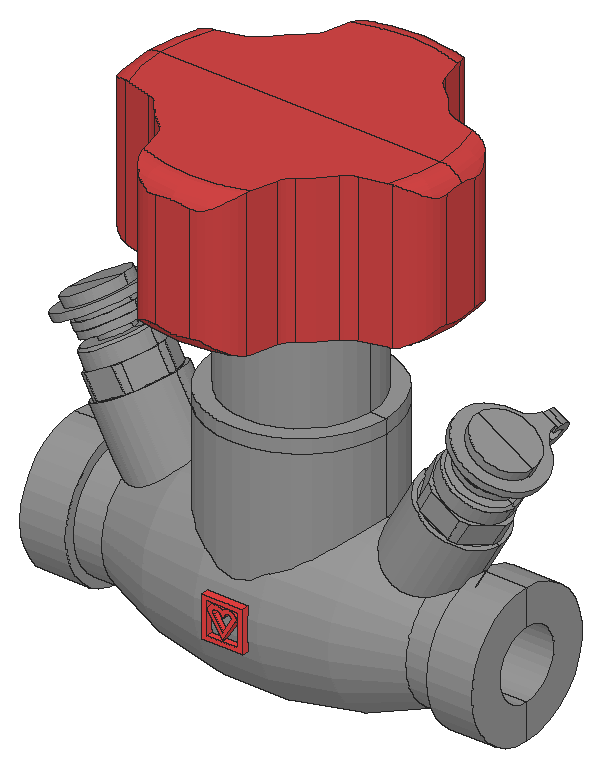
Revit family "Strangregulierventil für Differenzdruckmessung, Geradsitzform 4217 GM (LF-MF)", category Rohrzubehör, Revit 2018
Family settings
  Bemaßung runder Anschluss = Durchmesser verwenden
  Teiletyp = Unterbricht
  OmniClass-Nummer = 23.65.55.14
  OmniClass-Titel = Valves for Liquid Services
  Arbeitsebenenbasiert = Nein
  Immer vertikal = Ja
  Beim Laden mit Abzugskörper schneiden = Nein
  Gemeinsam genutzt = Nein
Parameters (values of type "MF")
  kvs-Wert [instance] = if(and(LF, Nennweite = 15.00 mm), 0.93, if(and(MF, Nennweite = 15.00 mm), 3.49, 0))  # 3.49
  W02 = 60.00°  # constant formula
  W01 = 30.00°  # constant formula
  URL = "www.herz-armaturen.at"
  SC_NennweiteBerechnet = 0
  SC_Dimension = ""
  SCRNSEQ = "ARM;ARM_TYP=\"STRV\";2"
  SCRNCODE = "05;07;02"  # constant formula
  S02 = 60.00 mm  # constant formula
  S01 [instance] = H00 + H01  # 68.20 mm
  R01 [instance] = 21.00 mm  # constant formula
  Nennweite [instance] = 15.00 mm
  Medium = "Heizwasserqualität entsprechend ÖNORM H 5195 bzw. VDI-Richtlinie 2035.\r\nDie Verwendung von Ethylen- und Propylenglykol ist im Mischungsverhältnis 25 - 50 Vol. % zulässig."
  Max. Betriebstemperatur (bis DN32) = 130 °C  # constant formula
  Max. Betriebstemperatur (ab DN40) = 110 °C  # constant formula
  Max. Betriebsdruck = 1600000.0 Pa  # constant formula
  ML02 [instance] = 30.20 mm  # constant formula
  ML01 [instance] = 20.67 mm  # constant formula
  MF [instance] = yes
  MD01 = 9.50 mm  # constant formula
  LF [instance] = no
  L02 [instance] = 10.00 mm  # constant formula
  L01 [instance] = 16.30 mm  # constant formula
  L00 [instance] = 100.00 mm  # constant formula
  IG [instance] = Nennweite / 2  # 7.50 mm
  Hersteller = "HERZ Armaturen Ges.m.b.H."  # constant formula
  H04 [instance] = 2.50 mm  # constant formula
  H03 = 10.00 mm  # constant formula
  H02 [instance] = 3.00 mm  # constant formula
  H01 [instance] = 33.30 mm  # constant formula
  H00 [instance] = 34.90 mm  # constant formula
  Gewicht [instance] = if(and(LF, Nennweite = 15.00 mm), "0.86 kg", if(and(MF, Nennweite = 15.00 mm), "0.89 kg", "0 kg"))  # "0.89 kg"
  Gehäuse = "DZR-Messing"  # constant formula
  GT [instance] = 15.00 mm  # constant formula
  Einbaulage = "Bedingt durch die senkrecht zur Ventilachse angeordnete, nichtsteigende Ventilspindel ist für jede Einbaulage optimale Zugängigkeit und Bedienbarkeit des Ventils gewährleistet."
  Differenzdruckmessung = "STRÖMAX-GM Strangregulierventil ist mit zwei Messventilen ausgestattet.\r\nBei Verwendung eines geeigneten Messgerätes kann der Differenzdruck gemessen und dadurch die jeweilige Durchflussmenge in Abhängigkeit der Einstellstufe ermittelt werden.\r\nAm HERZ-Messcomputer (1 8900 05) ist außerdem direkt die jeweilige Durchflussmenge ablesbar."
  DN50-DN80 [instance] = H00 + H01  # 68.20 mm
  DN15-DN40 [instance] = H00 + H01  # 68.20 mm
  DN15 [instance] = Nennweite = 15.00 mm  # yes
  D06 [instance] = 15.40 mm  # constant formula
  D05 [instance] = 13.15 mm  # constant formula
  D04 = 9.00 mm  # constant formula
  D03 [instance] = 19.00 mm  # constant formula
  D02 [instance] = 15.25 mm  # constant formula
  D01 [instance] = 13.20 mm  # constant formula
  Bestellnummer [instance] = if(and(LF, Nennweite = 15.00 mm), 1421730, if(and(MF, Nennweite = 15.00 mm), 1421731, 0))  # 1421731
  Ausführung = "STRÖMAX-GM Strangregulierventil mit Messventilen, 1/2′′ – 3′′\r\nGeradesitzform, gelbe Ausführung, Muffe x Muffe, nichtsteigende Spindel, Spindelabdichtung durch Doppel-O-Ring,Voreinstellung durch Hubbegrenzung mittels Innenspindel, digitale Anzeige der Voreinstellstufe im Handradfenster.\r\n2 Messventile sind neben dem Handrad montiert."
  Anwendungen = "Zum hydraulischen Abgleich in Heiz- oder Kühlanlagen, Einregulieren von Verteilleitungen, Strängen, Wärmetauschern, Heiz- und Kühlregistern."
Types (3, lengths in mm): name | kvs-Wert | MF | LF | Gewicht | Bestellnummer
  (no name) | 3.49 | yes | no | "0.89 kg" | 1421731
  LF | 0.93 | no | yes | "0.86 kg" | 1421730
  MF | 3.49 | yes | no | "0.89 kg" | 1421731
Reference planes
  plane 1 "Mitte (Vorne/hinten)": y = 0
  plane 2: z = 0
  plane 3 "Mitte (Links/rechts)": x = 0
Forms (mm)
  Revolve 1, solid, material "Messing, weicher Gelbton, geschweißt", detail levels fine
    sketch origin (0, 0, 0) x (1, 0, 0) y (0, 0, 1)
      loop
        line (-50, 15.25) -> (-50, 7.5) -> (-35, 7.5) -> (-35, 0) -> (35, 0) -> (35, 7.5) -> (50, 7.5) -> (50, 15.25) -> (40, 15.25) -> (40, 13.2) -> (33.7, 13.2)
        arc (33.7, 13.2) -> (0, 21) -> (-33.7, 13.2) r 76.701
        line (-33.7, 13.2) -> (-40, 13.2) -> (-40, 15.25) -> (-50, 15.25)
      axis (-50, 0) -> (50, 0)
    angle from 0 to 360
  Revolve 2, solid, material "Messing, weicher Gelbton, geschweißt", detail levels fine
    sketch origin (0, 0, 0) x (1, 0, 0) y (0, 0, 1)
      loop
        line (20.67, 0) -> (35.77, 26.154) -> (27.543, 30.904) -> (12.443, 4.75) -> (20.67, 0)
      axis (20.67, 0) -> (35.77, 26.154)
    angle from 0 to 360
  Revolve 3, solid, material "Messing, weicher Gelbton, geschweißt", detail levels fine
    sketch origin (0, 0, 0) x (1, 0, 0) y (0, 0, 1)
      loop
        line (0, 0) -> (0, 34.9) -> (-19, 34.9) -> (-19, 0) -> (0, 0)
      axis (0, 34.9) -> (0, 0)
    angle from 0 to 360
  Revolve 4, solid, material "Messing, weicher Gelbton, geschweißt", detail levels fine
    sketch origin (0, 0, 0) x (-1, 0, 0) y (0, 0, 1)
      loop
        line (20.67, 0) -> (35.77, 26.154) -> (27.543, 30.904) -> (12.443, 4.75) -> (20.67, 0)
      axis (20.67, 0) -> (35.77, 26.154)
    angle from 0 to 360
  Revolve 5, solid, material "Messing, weicher Gelbton, geschweißt", detail levels fine
    sketch origin (0, 0, 0) x (1, 0, 0) y (0, 0, 1)
      loop
        line (0, 34.9) -> (0, 68.2) -> (-9, 68.2) -> (-9, 58.2) -> (-13.15, 58.2) -> (-13.15, 55.7) -> (-15.4, 55.7) -> (-15.4, 37.9) -> (-19, 37.9) -> (-19, 34.9) -> (0, 34.9)
      axis (0, 68.2) -> (0, 34.9)
    angle from 0 to 360
Lines and regions (mm)
  model lines, detail levels coarse+medium
    curve 1: line (-50, 0, 15.25) -> (-50, 0, -15.25)
    curve 2: line (-50, 0, -15.25) -> (50, 0, 15.25)
    curve 3: line (50, 0, 15.25) -> (50, 0, -15.25)
    curve 4: line (50, 0, -15.25) -> (-50, 0, 15.25)
    curve 5: line (0, 0, 0) -> (39.375, 0, 68.2)
    curve 6: line (13.395, 0, 83.2) -> (65.356, 0, 53.2)
    curve 7: line (-50, 15.25, 0) -> (-50, -15.25, 0)
    curve 8: line (-50, -15.25, 0) -> (50, 15.25, 0)
    curve 9: line (50, 15.25, 0) -> (50, -15.25, 0)
    curve 10: line (50, -15.25, 0) -> (-50, 15.25, 0)
    curve 11: line (0, 0, 0) -> (39.375, 68.2, 0)
    curve 12: line (13.395, 83.2, 0) -> (65.356, 53.2, 0)
Dimensions and locks
  "IG": Revolve 1 sketch curve to plane 2
  "GT": Revolve 1 sketch curve to Revolve 1 sketch curve  (x2)
  "IG": Revolve 1 sketch curve to Revolve 1 sketch curve
  "D01": Revolve 1 sketch curve to Revolve 1 sketch curve  (x2)
  "R01": Revolve 1 sketch curve to Revolve 1 sketch curve
  "L02": Revolve 1 sketch curve to Revolve 1 sketch curve  (x2)
  "L01": Revolve 1 sketch curve to Revolve 1 sketch curve  (x2)
  "D02": Revolve 1 sketch curve to plane 2  (x2)
  equal spacing: Revolve 1 sketch curve, plane 3 "Mitte (Links/rechts)", Revolve 1 sketch curve
  "L00": Revolve 1 sketch curve to Revolve 1 sketch curve
  "R01": nested 1 to plane 1 "Mitte (Vorne/hinten)"
  "ML01": Revolve 2 sketch curve to plane 3 "Mitte (Links/rechts)"
  "H00": Revolve 3 sketch curve to plane 2
  "D03": Revolve 3 sketch curve to Revolve 3 sketch curve
  "ML02": Revolve 2 sketch curve to Revolve 2 sketch curve
  "MD01": Revolve 2 sketch curve to Revolve 2 sketch curve  (x2)
  "ML02": Revolve 4 sketch curve to Revolve 4 sketch curve
  "MD01": Revolve 4 sketch curve to Revolve 4 sketch curve  (x2)
  "ML01": plane 3 "Mitte (Links/rechts)" to Revolve 4 sketch curve
  "H00": Revolve 5 sketch curve to plane 2
  "H01": Revolve 5 sketch curve to Revolve 5 sketch curve
  "D04": Revolve 5 sketch curve to Revolve 5 sketch curve
  "D03": Revolve 5 sketch curve to Revolve 5 sketch curve
  "D05": Revolve 5 sketch curve to Revolve 5 sketch curve
  "D06": Revolve 5 sketch curve to Revolve 5 sketch curve
  "H02": Revolve 5 sketch curve to Revolve 5 sketch curve
  "H03": Revolve 5 sketch curve to Revolve 5 sketch curve
  "H04": Revolve 5 sketch curve to Revolve 5 sketch curve
  "DN15-DN40": nested 2 to plane 2
  "D02": curve 4 to plane 2 to curve 2
  "D02": curve 3 to plane 2 to curve 4
  equal spacing: curve 1, plane 3 "Mitte (Links/rechts)", curve 3
  "L00": curve 1 to curve 3
  equal spacing: Revolve 1, curve 5, Revolve 1
  "S01": curve 5 to plane 2
  equal spacing: curve 6, curve 5, curve 6
  "S02": curve 6 to curve 6
  "D02": curve 8 to plane 1 "Mitte (Vorne/hinten)" to curve 10
  "D02": curve 10 to plane 1 "Mitte (Vorne/hinten)" to curve 9
  equal spacing: curve 7, plane 3 "Mitte (Links/rechts)", curve 9
  "L00": curve 7 to curve 9
  equal spacing: curve 7, curve 11, curve 9
  "S01": plane 1 "Mitte (Vorne/hinten)" to curve 11
  equal spacing: curve 12, curve 11, curve 12
  "S02": curve 12 to curve 12
  "W01": angle Revolve 2 sketch curve to plane 3 "Mitte (Links/rechts)"  (x2)
  "W01": angle plane 3 "Mitte (Links/rechts)" to Revolve 4 sketch curve  (x2)
  "W02": angle plane 2 to curve 5
  "W02": angle plane 1 "Mitte (Vorne/hinten)" to curve 11
  aligned and locked: level to plane 2
Automatic sketch dimensions
  Revolve 1 sketch curve to level = 0.00 mm  (x2)
  Revolve 1 sketch curve to Revolve 1 sketch curve = 1429.986 mm
  Revolve 1 sketch curve to Revolve 1 sketch curve = 1762.604 mm
  Revolve 2 sketch curve to level = 0.00 mm  (x2)
  Revolve 3 sketch curve to level = 0.00 mm
  Revolve 3 sketch curve to plane 3 "Mitte (Links/rechts)" = 0.00 mm  (x2)
  Revolve 3 sketch curve to Revolve 3 sketch curve = 366.045 mm
  Revolve 3 sketch curve to Revolve 3 sketch curve = 2179.415 mm
  Revolve 4 sketch curve to level = 0.00 mm  (x2)
  Revolve 5 sketch curve to plane 3 "Mitte (Links/rechts)" = 0.00 mm  (x2)
  Revolve 5 sketch curve to level = 366.045 mm
  Revolve 5 sketch curve to Revolve 5 sketch curve = 2146.115 mm
Nested families
  nested 1: "Herz-Logo-vorne" at (0, -21, 0) x (0, 1, 0) z (0, 0, 1), type "Herz-Logo-vorne", detail levels fine
  nested 2: "Strangregulierventil-Handrad-Gerade (Rot) DN15-DN40" at (0, 0, 68.2), visible <- "DN15", type "Strangregulierventil-Handrad-Gerade (Rot) DN15-DN40", detail levels fine
    with Nennweite 0.00 mm, Gewicht 0.00 kg, Bestellnummer 0
  nested 3: "Messstutzen_Band_Austritt_30Grad_(oben)" at (27.02, 0, 10.999), visible <- "DN15", type "Messstutzen_Band_Austritt_30Grad_(oben)", detail levels fine
    with Schutzkappe yes, Nennweite 0.00 mm, Gewicht 0.00 kg, Bestellnummer 0
  nested 4: "Messstutzen_Band_Eintritt_30Grad_(oben)" at (-27.02, 0, 10.999) x (-1, 0, 0) z (0, 0, 1), visible <- "DN15", type "Messstutzen_Band_Eintritt_30Grad_(oben)", detail levels fine
    with Schutzkappe yes, Nennweite 0.00 mm, Gewicht 0.00 kg, Bestellnummer 0
Connectors
  piping at (-35, 0, 0), diameter 15, driven by "Nennweite"
    settings: on Revolve 1, index 1, connector inside diameter 609.6 mm, connector length 0.00 mm, flow factor 0, pipe flow 0.0 L/s, pressure drop 0.0 Pa, fitting loss kfactor 0, connector angle 0.00°, fixture units 0, engagement length 0.00 mm, angle of deflection 0.00°, flow configuration 0, flow direction 1, fitting loss method 0, system type 29, joint type 0, gender type 0, connector reference index -1, connector utility 0, adjustable connector no, is connector primary yes, connector description ""
  piping at (35, 0, 0), diameter 15, driven by "Nennweite"
    settings: on Revolve 1, index 2, connector inside diameter 609.6 mm, connector length 0.00 mm, flow factor 0, pipe flow 0.0 L/s, pressure drop 0.0 Pa, fitting loss kfactor 0, connector angle 0.00°, fixture units 0, engagement length 0.00 mm, angle of deflection 0.00°, flow configuration 0, flow direction 2, fitting loss method 0, system type 29, joint type 0, gender type 0, connector reference index -1, connector utility 0, adjustable connector no, is connector primary no, connector description ""
Definition of nested family "Herz-Logo-vorne"
  Reference planes
    plane 1 "Mitte (Vorne/hinten)": y = 0
    plane 2: z = 0
    plane 3 "Mitte (Links/rechts)": x = 0
  Forms (mm)
    Extrusion 1, solid
      sketch origin (0.732, -0.018, 0.017) x (0, -1, 0) y (0, 0, 1)
        loop
          line (-0.018, -4.517) -> (4.482, -4.517) -> (4.482, 4.483) -> (-4.518, 4.483) -> (-4.518, -4.517) -> (-0.018, -4.517)
        loop
          line (-0.05, -3.48) -> (3.482, -3.48) -> (3.482, 3.483) -> (-3.518, 3.483) -> (-3.518, -3.48) -> (-0.05, -3.48)
        loop
          arc (-0.018, 2.383) -> (-1.543, 3.287) -> (-3.067, 2.383) r 1.738
          arc (-3.067, 2.383) -> (-3.191, 1.899) -> (-3.067, 1.415) r 1.009
          line (-3.067, 1.415) -> (-0.018, -3.281) -> (3.032, 1.415)
          arc (3.032, 1.415) -> (3.156, 1.899) -> (3.032, 2.383) r 1.009
          arc (3.032, 2.383) -> (1.507, 3.287) -> (-0.018, 2.383) r 1.738
        loop
          arc (1.885, 1.272) -> (2.005, 1.675) -> (1.885, 2.079) r 0.74
          arc (1.885, 2.079) -> (1.265, 2.416) -> (0.644, 2.079) r 0.74
          line (0.644, 2.079) -> (-0.018, 0.97) -> (-0.679, 2.079)
          arc (-0.679, 2.079) -> (-1.3, 2.416) -> (-1.921, 2.079) r 0.74
          arc (-1.921, 2.079) -> (-2.04, 1.675) -> (-1.921, 1.272) r 0.74
          line (-1.921, 1.272) -> (-0.018, -1.658) -> (1.885, 1.272)
      from 0 to 1.5
  Dimensions and locks
    aligned and locked: level to plane 2
Definition of nested family "Strangregulierventil-Handrad-Gerade (Rot) DN15-DN40"
  Parameters (values of type "Strangregulierventil-Handrad-Gerade (Rot) DN15-DN40")
    URL = "www.herz-armaturen.at"
    Nennweite [instance] = 0.00 mm
    Manufacturer = "Herz Armaturen GmbH"  # constant formula
    Gewicht [instance] = 0.00 kg
    Bestellnummer [instance] = 0
  Reference planes
    plane 1 "Mitte (Vorne/hinten)": y = 0
    plane 2: z = 0
    plane 3 "Mitte (Links/rechts)": x = 0
  Forms (mm)
    Revolve 1, solid, detail levels fine
      sketch origin (0, 0, 0) x (1, 0, 0) y (0, 0, 1)
        loop
          line (0, 0) -> (0, 24.95) -> (-30.992, 24.95)
          arc (-30.992, 24.95) -> (-34.37, 23.636) -> (-35.973, 20.386) r 5
          line (-35.973, 20.386) -> (-37, 8.65) -> (-35.986, -2.936)
          arc (-35.986, -2.936) -> (-34.383, -6.186) -> (-31.005, -7.5) r 5
          line (-31.005, -7.5) -> (-15, -7.5) -> (-15, 0) -> (0, 0)
        axis (0, 24.95) -> (0, -7.5)
      angle from 0 to 360
    Extrusion 2, void
      sketch origin (0, 0, 20.3) x (1, 0, 0) y (0, 1, 0)
        loop
          line (3.861, 35.5) -> (-3.861, 35.5)
          arc (-3.861, 35.5) -> (-8.731, 33.847) -> (-11.589, 29.571) r 8
          line (-11.589, 29.571) -> (-13.284, 23.245)
          arc (-13.284, 23.245) -> (-13.982, 21.722) -> (-15.144, 20.516) r 5
          arc (-15.144, 20.516) -> (-18.031, 18.031) -> (-20.516, 15.144) r 25.5
          arc (-20.516, 15.144) -> (-21.722, 13.982) -> (-23.245, 13.284) r 5
          line (-23.245, 13.284) -> (-29.571, 11.589)
          arc (-29.571, 11.589) -> (-33.847, 8.731) -> (-35.5, 3.861) r 8
          line (-35.5, 3.861) -> (-35.5, -3.861)
          arc (-35.5, -3.861) -> (-33.847, -8.731) -> (-29.571, -11.589) r 8
          line (-29.571, -11.589) -> (-23.245, -13.284)
          arc (-23.245, -13.284) -> (-21.722, -13.982) -> (-20.516, -15.144) r 5
          arc (-20.516, -15.144) -> (-18.031, -18.031) -> (-15.144, -20.516) r 25.5
          arc (-15.144, -20.516) -> (-13.982, -21.722) -> (-13.284, -23.245) r 5
          line (-13.284, -23.245) -> (-11.589, -29.571)
          arc (-11.589, -29.571) -> (-8.731, -33.847) -> (-3.861, -35.5) r 8
          line (-3.861, -35.5) -> (3.861, -35.5)
          arc (3.861, -35.5) -> (8.731, -33.847) -> (11.589, -29.571) r 8
          line (11.589, -29.571) -> (13.284, -23.245)
          arc (13.284, -23.245) -> (13.982, -21.722) -> (15.144, -20.516) r 5
          arc (15.144, -20.516) -> (18.031, -18.031) -> (20.516, -15.144) r 25.5
          arc (20.516, -15.144) -> (21.722, -13.982) -> (23.245, -13.284) r 5
          line (23.245, -13.284) -> (29.571, -11.589)
          arc (29.571, -11.589) -> (33.847, -8.731) -> (35.5, -3.861) r 8
          line (35.5, -3.861) -> (35.5, 3.861)
          arc (35.5, 3.861) -> (33.847, 8.731) -> (29.571, 11.589) r 8
          line (29.571, 11.589) -> (23.245, 13.284)
          arc (23.245, 13.284) -> (21.722, 13.982) -> (20.516, 15.144) r 5
          arc (20.516, 15.144) -> (18.031, 18.031) -> (15.144, 20.516) r 25.5
          arc (15.144, 20.516) -> (13.982, 21.722) -> (13.284, 23.245) r 5
          line (13.284, 23.245) -> (11.589, 29.571)
          arc (11.589, 29.571) -> (8.731, 33.847) -> (3.861, 35.5) r 8
        loop
          circle (0, 0) r 38
      from -31.266 to 7.923
  Cuts and joins
    Extrusion 2 cuts Revolve 1
  Dimensions and locks
    Revolve 1 sketch curve to Revolve 1 sketch curve = 15.00 mm
    Revolve 1 sketch curve to Revolve 1 sketch curve = 16.15 mm
    Revolve 1 sketch curve to Revolve 1 sketch curve = 16.30 mm
    angle Revolve 1 sketch curve to Revolve 1 sketch curve = 95.00°
    aligned and locked: level to plane 2
Definition of nested family "Messstutzen_Band_Austritt_30Grad_(oben)"
  Parameters (values of type "Messstutzen_Band_Austritt_30Grad_(oben)")
    URL = "www.herz-armaturen.at"
    Schutzkappe [instance] = yes
    Nennweite [instance] = 0.00 mm
    Manufacturer = "Herz Armaturen GmbH"  # constant formula
    Gewicht [instance] = 0.00 kg
    Bestellnummer [instance] = 0
  Reference planes
    plane 1 "Mitte (Vorne/hinten)": y = 0
    plane 2: z = 0
    plane 3 "Mitte (Links/rechts)": x = 0
  Forms (mm)
    Revolve 1, solid, detail levels fine
      sketch origin (0, 0, 0) x (0.866025, 0, -0.5) y (0.5, 0, 0.866025)
        loop
          line (-7.4, 9) -> (-5.55, 9) -> (-5.55, 6)
          arc (-5.55, 6) -> (-5.626, 5.617) -> (-5.843, 5.293) r 1
          line (-5.843, 5.293) -> (-6.455, 4.681) -> (-6.455, 0.9) -> (-5.555, 0) -> (-2, 0) -> (-2, 17.5) -> (-8.4, 17.5)
          arc (-8.4, 17.5) -> (-7.693, 17.207) -> (-7.4, 16.5) r 1
          line (-7.4, 16.5) -> (-7.4, 9)
        loop
          line (-3.7, 27) -> (-7.3, 27) -> (-7.9, 26.4) -> (-7.9, 23) -> (-2, 23) -> (-2, 35.8) -> (-3.805, 35.8) -> (-4.415, 35.19) -> (-4.415, 30.863) -> (-3.7, 30.45) -> (-3.7, 27)
        axis (0, 0) -> (0, 35.8)
      angle from 0 to 360
    Extrusion 2, solid, detail levels fine
      sketch origin (8.75, 0, 15.155) x (0, 1, 0) y (-0.866025, 0, 0.5)
        loop
          arc (-7.07, 5.156) -> (-7.578, 4.375) -> (-8, 3.544) r 8.75
          line (-8, 3.544) -> (-8, -3.544)
          arc (-8, -3.544) -> (-7.578, -4.375) -> (-7.07, -5.156) r 8.75
          line (-7.07, -5.156) -> (-0.93, -8.7)
          arc (-0.93, -8.7) -> (0, -8.75) -> (0.93, -8.7) r 8.75
          line (0.93, -8.7) -> (7.07, -5.156)
          arc (7.07, -5.156) -> (7.578, -4.375) -> (8, -3.544) r 8.75
          line (8, -3.544) -> (8, 3.544)
          arc (8, 3.544) -> (7.578, 4.375) -> (7.07, 5.156) r 8.75
          line (7.07, 5.156) -> (0.93, 8.7)
          arc (0.93, 8.7) -> (0, 8.75) -> (-0.93, 8.7) r 8.75
          line (-0.93, 8.7) -> (-7.07, 5.156)
      from 0 to 5.5
    Revolve 3, solid, visible <- "Schutzkappe", detail levels fine
      sketch origin (0, 0, 0) x (0.866025, 0, -0.5) y (0.5, 0, 0.866025)
        loop
          line (0, 35.878) -> (0, 36.678) -> (-7, 36.678) -> (-7, 33.378) -> (-6.1, 33.378) -> (-6.1, 31.678) -> (-6.9, 31.678) -> (-6.9, 30.178) -> (-4.415, 30.178) -> (-4.415, 35.268) -> (-3.805, 35.878) -> (0, 35.878)
        axis (0, 30.178) -> (0, 36.678)
      angle from 0 to 360
    Extrusion 4, solid, detail levels fine
      sketch origin (14.25, 0, 24.682) x (0, 1, 0) y (0.866025, 0, -0.5)
        loop
          circle (0, 0) r 3.7
        loop
          arc (5.505, -3.906) -> (7.288, -2.358) -> (9.582, -1.8) r 5
          line (9.582, -1.8) -> (9.582, 1.8)
          arc (9.582, 1.8) -> (7.288, 2.358) -> (5.505, 3.906) r 5
          arc (5.505, 3.906) -> (-6.75, 0) -> (5.505, -3.906) r 6.75
      from 0 to -1.5
    Extrusion 5, solid, detail levels fine
      sketch origin (16.589, 0, 28.733) x (0, 1, 0) y (0.866025, 0, -0.5)
        loop
          circle (0, 0) r 6.1
        loop
          arc (8.652, -4.495) -> (10.493, -2.527) -> (13.089, -1.8) r 5
          line (13.089, -1.8) -> (13.089, 1.8)
          arc (13.089, 1.8) -> (10.493, 2.527) -> (8.652, 4.495) r 5
          arc (8.652, 4.495) -> (-9.75, 0) -> (8.652, -4.495) r 9.75
      from 0 to -1.5
    Sweep 6, solid, detail levels fine
      path origin (1.029, 0.159, 0.98) x (-0.5, 0, -0.866025) y (0, 1, 0)
        loop
          line (-27.75, 9.582) -> (-27.75, 14.522)
          arc (-27.75, 14.522) -> (-30.089, 16.862) -> (-32.428, 14.522) r 2.339
          line (-32.428, 14.522) -> (-32.428, 13.089)
      profile origin (14.904, 12.211, 25.012) x (0.5, 0, 0.866025) y (0.866025, 0, -0.5)
        loop
          line (-0.75, -1.8) -> (0.75, -1.8) -> (0.75, 1.8) -> (-0.75, 1.8) -> (-0.75, -1.8)
  Dimensions and locks
    aligned and locked: level to plane 2
Definition of nested family "Messstutzen_Band_Eintritt_30Grad_(oben)"
  Parameters (values of type "Messstutzen_Band_Eintritt_30Grad_(oben)")
    URL = "www.herz-armaturen.at"
    Schutzkappe [instance] = yes
    Nennweite [instance] = 0.00 mm
    Manufacturer = "Herz Armaturen GmbH"  # constant formula
    Gewicht [instance] = 0.00 kg
    Bestellnummer [instance] = 0
  Reference planes
    plane 1 "Mitte (Vorne/hinten)": y = 0
    plane 2: z = 0
    plane 3 "Mitte (Links/rechts)": x = 0
  Forms (mm)
    Revolve 1, solid, detail levels fine
      sketch origin (0, 0, 0) x (0.866025, 0, -0.5) y (0.5, 0, 0.866025)
        loop
          line (-7.4, 9) -> (-5.55, 9) -> (-5.55, 6)
          arc (-5.55, 6) -> (-5.626, 5.617) -> (-5.843, 5.293) r 1
          line (-5.843, 5.293) -> (-6.455, 4.681) -> (-6.455, 0.9) -> (-5.555, 0) -> (-2, 0) -> (-2, 17.5) -> (-8.4, 17.5)
          arc (-8.4, 17.5) -> (-7.693, 17.207) -> (-7.4, 16.5) r 1
          line (-7.4, 16.5) -> (-7.4, 9)
        loop
          line (-3.7, 27) -> (-7.3, 27) -> (-7.9, 26.4) -> (-7.9, 23) -> (-2, 23) -> (-2, 35.8) -> (-3.805, 35.8) -> (-4.415, 35.19) -> (-4.415, 30.863) -> (-3.7, 30.45) -> (-3.7, 27)
        axis (0, 0) -> (0, 35.8)
      angle from 0 to 360
    Extrusion 2, solid, detail levels fine
      sketch origin (8.75, 0, 15.155) x (0, 1, 0) y (-0.866025, 0, 0.5)
        loop
          arc (-7.07, 5.156) -> (-7.578, 4.375) -> (-8, 3.544) r 8.75
          line (-8, 3.544) -> (-8, -3.544)
          arc (-8, -3.544) -> (-7.578, -4.375) -> (-7.07, -5.156) r 8.75
          line (-7.07, -5.156) -> (-0.93, -8.7)
          arc (-0.93, -8.7) -> (0, -8.75) -> (0.93, -8.7) r 8.75
          line (0.93, -8.7) -> (7.07, -5.156)
          arc (7.07, -5.156) -> (7.578, -4.375) -> (8, -3.544) r 8.75
          line (8, -3.544) -> (8, 3.544)
          arc (8, 3.544) -> (7.578, 4.375) -> (7.07, 5.156) r 8.75
          line (7.07, 5.156) -> (0.93, 8.7)
          arc (0.93, 8.7) -> (0, 8.75) -> (-0.93, 8.7) r 8.75
          line (-0.93, 8.7) -> (-7.07, 5.156)
      from 0 to 5.5
    Revolve 3, solid, visible <- "Schutzkappe", detail levels fine
      sketch origin (0, 0, 0) x (0.866025, 0, -0.5) y (0.5, 0, 0.866025)
        loop
          line (0, 35.878) -> (0, 36.678) -> (-7, 36.678) -> (-7, 33.378) -> (-6.1, 33.378) -> (-6.1, 31.678) -> (-6.9, 31.678) -> (-6.9, 30.178) -> (-4.415, 30.178) -> (-4.415, 35.268) -> (-3.805, 35.878) -> (0, 35.878)
        axis (0, 30.178) -> (0, 36.678)
      angle from 0 to 360
    Extrusion 4, solid, detail levels fine
      sketch origin (14.25, 0, 24.682) x (0, 1, 0) y (0.866025, 0, -0.5)
        loop
          circle (0, 0) r 3.7
        loop
          arc (5.505, -3.906) -> (7.288, -2.358) -> (9.582, -1.8) r 5
          line (9.582, -1.8) -> (9.582, 1.8)
          arc (9.582, 1.8) -> (7.288, 2.358) -> (5.505, 3.906) r 5
          arc (5.505, 3.906) -> (-6.75, 0) -> (5.505, -3.906) r 6.75
      from 0 to -1.5
    Extrusion 5, solid, detail levels fine
      sketch origin (16.589, 0, 28.733) x (0, 1, 0) y (0.866025, 0, -0.5)
        loop
          circle (0, 0) r 6.1
        loop
          arc (8.652, -4.495) -> (10.493, -2.527) -> (13.089, -1.8) r 5
          line (13.089, -1.8) -> (13.089, 1.8)
          arc (13.089, 1.8) -> (10.493, 2.527) -> (8.652, 4.495) r 5
          arc (8.652, 4.495) -> (-9.75, 0) -> (8.652, -4.495) r 9.75
      from 0 to -1.5
    Sweep 6, solid, detail levels fine
      path origin (0.933, -0.183, 1.116) x (-0.5, 0, -0.866025) y (0, 1, 0)
        loop
          line (-27.75, 9.582) -> (-27.75, 14.522)
          arc (-27.75, 14.522) -> (-30.089, 16.862) -> (-32.428, 14.522) r 2.339
          line (-32.428, 14.522) -> (-32.428, 13.089)
      profile origin (14.808, 11.869, 25.148) x (0.5, 0, 0.866025) y (0.866025, 0, -0.5)
        loop
          line (-0.75, -1.8) -> (0.75, -1.8) -> (0.75, 1.8) -> (-0.75, 1.8) -> (-0.75, -1.8)
  Dimensions and locks
    aligned and locked: level to plane 2
